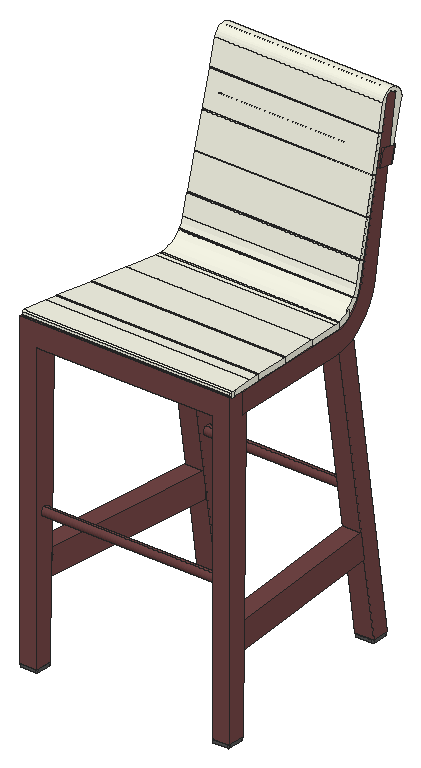
Revit family "Haworth_Janus_Quinta_Stools", category Furniture, Revit 2018
Family settings
  OmniClass Number = 23.40.70.14.64.21
  OmniClass Title = Systems Furniture
  Work Plane-Based = No
  Always vertical = Yes
  Cut with Voids When Loaded = No
  Shared = No
  Room Calculation Point = No
Parameters (values of type "HCJC-QN-S3N-J - High - Fiber Frame - With Cushion")
  Warranty = "https://www.haworth.com/resources/product-info/warranties"
  URL - Product = "https://www.haworth.com/products/seating/outdoor/quinta"
  Type Comments = ""
  Support Finish [instance] = Haworth _ Fabric _ JANUSfiber _ Bronze JJF-40
  Low = no
  High = not(Low)  # yes
  Cushion Offset = if(High, 2 121/128", -3/8")  # 2 121/128"
  Cushion Finish [instance] = Haworth _ Fabric _ JANUS _ Limestone JQ1-98
  Model = "HCJC-QN-S3N-J"
  URL = "http://www.haworth.com/our-brands/haworth-collection"
  Size = "Verify Final Dim. w/ Haworth"  # constant formula
  Revision Number = "2"  # constant formula
  Manufacturer = "Haworth"  # constant formula
  Seat Height = if(Low, 26", 29 1/2")  # 29 1/2"
  Glide Finish = Haworth _ Polymer _ Black
  Description = "Haworth Janus Quinta - Barstool"
  Cushion = yes
  Author = "Haworth (Abd Rahman)"  # constant formula
  Assembly Code = "E2020200"
  Actual Width = 19 3/4"  # constant formula
  Actual Height = if(Low, 42", 45 1/2")  # 45 1/2"
  Actual Depth = 22"  # constant formula
Types (9): name | Support Finish | Low | High | Cushion Offset | Model | Seat Height | Description | Cushion | Actual Height
  (no name) | Haworth _ Fabric _ JANUSfiber _ Bronze JJF-40 | no | yes | 2 121/128" | "HCJC-QN-S3N-J" | 29 1/2" | "Haworth Janus Quinta - Barstool" | yes | 45 1/2"
  HCJC-QN-S3N-J - High - Fiber Frame - With Cushion | Haworth _ Fabric _ JANUSfiber _ Bronze JJF-40 | no | yes | 2 121/128" | "HCJC-QN-S3N-J" | 29 1/2" | "Haworth Janus Quinta - Barstool" | yes | 45 1/2"
  HCJC-QN-S2N-J - Low - Fiber Frame - With Cushion | Haworth _ Fabric _ JANUSfiber _ Bronze JJF-40 | yes | no | -3/8" | "HCJC-QN-S2N-J" | 26" | "Haworth Janus Quinta - Counter Stool" | yes | 42"
  HCJC-QN-S3N-J - High - Fiber Frame - No Cushion | Haworth _ Fabric _ JANUSfiber _ Bronze JJF-40 | no | yes | 2 121/128" | "HCJC-QN-S3N-J" | 29 1/2" | "Haworth Janus Quinta - Barstool" | no | 45 1/2"
  HCJC-QN-S2N-J - Low - Fiber Frame - No Cushion | Haworth _ Fabric _ JANUSfiber _ Bronze JJF-40 | yes | no | -3/8" | "HCJC-QN-S2N-J" | 26" | "Haworth Janus Quinta - Counter Stool" | no | 42"
  HCJC-QN-S2N-W - Low - Wood Frame - No Cushion | Haworth _ Wood _ JanusQuinta _ Natural Teak JW1-97 | yes | no | -3/8" | "HCJC-QN-S2N-W" | 26" | "Haworth Janus Quinta - Counter Stool" | no | 42"
  HCJC-QN-S2N-W - Low - Wood Frame - With Cushion | Haworth _ Wood _ JanusQuinta _ Natural Teak JW1-97 | yes | no | -3/8" | "HCJC-QN-S2N-W" | 26" | "Haworth Janus Quinta - Counter Stool" | yes | 42"
  HCJC-QN-S3N-W - High - Wood Frame - No Cushion | Haworth _ Wood _ JanusQuinta _ Natural Teak JW1-97 | no | yes | 2 121/128" | "HCJC-QN-S3N-W" | 29 1/2" | "Haworth Janus Quinta - Barstool" | no | 45 1/2"
  HCJC-QN-S3N-W - High - Wood Frame - With Cushion | Haworth _ Wood _ JanusQuinta _ Natural Teak JW1-97 | no | yes | 2 121/128" | "HCJC-QN-S3N-W" | 29 1/2" | "Haworth Janus Quinta - Barstool" | yes | 45 1/2"
Reference planes (in)
  plane 1 "Center F/B": y = -0.15866
  plane 2 "Floor": z = 0
  plane 3 "Center L/R": x = -0.125
  plane 4: z = 0
  plane 5: x = -10
  plane 6: y = 10.84134
  plane 7: y = -11.15866
  plane 8: x = 9.75
  plane 9: z = 0.25
  plane 10 "Leg Height": z = 29.5
  plane 11: z = 45.5
  plane 12: x = 8.15299
  plane 13: x = -8.40299
  plane 14: x = 6.41372
  plane 15: x = -6.66372
  plane 16 "Back Leg 1": through (480, 3.77041, 26.64231) normal (0, 0.9883, 0.1528)
  plane 17 "Back Leg 2": through (480, 5.44861, 27.11514) normal (0, 0.9891, 0.1474)
  plane 18 "Leg rest 1": z = 7.57037
  plane 19 "Leg rest 2": z = 10.01799
  plane 20: z = 27.56107
Forms (in)
  Extrusion 1, solid, material "Haworth _ Fabric _ JANUSfiber _ Bronze JJF-40" <- "Support Finish"
    sketch origin (-0.125, 0, 0.17962) x (0, 1, 0) y (0, 0, 1)
      loop
        line (9.76655, 44.87542) -> (6.25369, 30.63189)
        arc (6.25369, 30.63189) -> (5.09774, 28.91843) -> (3.10788, 28.35932) r 3
        line (3.10788, 28.35932) -> (-11.15866, 29.47114) -> (-11.15866, 27.38145) -> (-9.43283, 27.38145) -> (2.89161, 26.43604)
        arc (2.89161, 26.43604) -> (6.3137, 27.45145) -> (8.18656, 30.49022) r 5
        line (8.18656, 30.49022) -> (10.86781, 44.63544)
        arc (10.86781, 44.63544) -> (10.43395, 45.29126) -> (9.76655, 44.87542) r 0.56376
    from -9.875 to 9.875
  Extrusion 2, void
    sketch origin (0, 0, 0) x (1, 0, 0) y (0, 1, 0)
      loop
        line (-9.97457, -9.33217) -> (-7.93689, 11.74055) -> (-11.00316, 11.74055) -> (-11.00316, -9.33217) -> (-9.97457, -9.33217)
    from 13.03853 to 47.08503
  Extrusion 3, void
    sketch origin (-0.25, 0, 0) x (-1, 0, 0) y (0, -1, 0)
      loop
        line (-11.00316, 9.56749) -> (-11.00316, -11.74055) -> (-7.93689, -11.74055) -> (-10.15861, 11.23543) -> (-11.00316, 9.56749)
    from 13.03853 to 46.57479
  Extrusion 4, solid, material "Haworth _ Fabric _ JANUSfiber _ Bronze JJF-40" <- "Support Finish"
    sketch origin (-0.125, 0, 0) x (0, 1, 0) y (0, 0, -1)
      loop
        line (-11.15866, -0.25) -> (-11.15866, -27.56107) -> (-9.22664, -27.56107) -> (-9.61411, -0.25) -> (-11.15866, -0.25)
    from -9.875 to -8.27799
  Extrusion 5, solid, material "Haworth _ Polymer _ Black" <- "Glide Finish"
    sketch origin (0, 0.21875, 0) x (1, 0, 0) y (0, 1, 0)
      loop
        arc (8.26313, -9.76496) -> (8.17444, -9.8017) -> (8.1377, -9.8904) r 0.12543
        line (8.1377, -9.8904) -> (8.1377, -11.29903)
        arc (8.1377, -11.29903) -> (8.17464, -11.38822) -> (8.26383, -11.42516) r 0.12613
        line (8.26383, -11.42516) -> (9.625, -11.42516)
        arc (9.625, -11.42516) -> (9.71339, -11.38855) -> (9.75, -11.30016) r 0.125
        line (9.75, -11.30016) -> (9.75, -9.88996)
        arc (9.75, -9.88996) -> (9.71339, -9.80158) -> (9.625, -9.76496) r 0.125
        line (9.625, -9.76496) -> (8.26313, -9.76496)
    from 0 to 0.25
  Extrusion 6, solid, material "Haworth _ Polymer _ Black" <- "Glide Finish"
    sketch origin (-0.25, 0.21875, 0) x (-1, 0, 0) y (0, -1, 0)
      loop
        line (8.26313, 9.76496) -> (9.625, 9.76496)
        arc (9.625, 9.76496) -> (9.71339, 9.80158) -> (9.75, 9.88996) r 0.125
        line (9.75, 9.88996) -> (9.75, 11.30016)
        arc (9.75, 11.30016) -> (9.71339, 11.38855) -> (9.625, 11.42516) r 0.125
        line (9.625, 11.42516) -> (8.26383, 11.42516)
        arc (8.26383, 11.42516) -> (8.17464, 11.38822) -> (8.1377, 11.29903) r 0.12613
        line (8.1377, 11.29903) -> (8.1377, 9.8904)
        arc (8.1377, 9.8904) -> (8.17444, 9.8017) -> (8.26313, 9.76496) r 0.12543
    from 0 to 0.25
  Extrusion 7, solid, material "Haworth _ Polymer _ Black" <- "Glide Finish"
    sketch origin (-1.66895, -1.94706, 0) x (1, 0, 0) y (0, 1, 0)
      loop
        line (8.2081, 9.79758) -> (9.69694, 9.79758)
        arc (9.69694, 9.79758) -> (9.78533, 9.83419) -> (9.82194, 9.92258) r 0.125
        line (9.82194, 9.92258) -> (9.82194, 11.27514)
        arc (9.82194, 11.27514) -> (9.78533, 11.36352) -> (9.69694, 11.40014) r 0.125
        line (9.69694, 11.40014) -> (8.2088, 11.40014)
        arc (8.2088, 11.40014) -> (8.11961, 11.36319) -> (8.08267, 11.274) r 0.12613
        line (8.08267, 11.274) -> (8.08267, 9.92301)
        arc (8.08267, 9.92301) -> (8.1194, 9.83431) -> (8.2081, 9.79758) r 0.12543
    from 0 to 0.25
  Extrusion 8, solid, material "Haworth _ Fabric _ JANUSfiber _ Bronze JJF-40" <- "Support Finish"
    sketch origin (-0.125, 0, 0) x (0, 1, 0) y (0, 0, 1)
      loop
        line (-11.15866, 0.25) -> (-9.61411, 0.25) -> (-9.22664, 27.56107) -> (-11.15866, 27.56107) -> (-11.15866, 0.25)
    from -9.875 to -8.27799
  Extrusion 9, solid, material "Haworth _ Fabric _ JANUSfiber _ Bronze JJF-40" <- "Support Finish"
    sketch origin (-0.125, 0, 0) x (0, 1, 0) y (0, 0, 1)
      loop
        line (3.72563, 26.93194) -> (7.85051, 0.25) -> (9.45307, 0.25) -> (5.40515, 27.4067)
        arc (5.40515, 27.4067) -> (4.58627, 27.09547) -> (3.72563, 26.93194) r 5
    from 6.53872 to 8.27799
  Extrusion 10, solid, material "Haworth _ Fabric _ JANUSfiber _ Bronze JJF-40" <- "Support Finish"
    sketch origin (-0.125, 0, 0) x (0, 1, 0) y (0, 0, -1)
      loop
        arc (3.72679, -26.92446) -> (4.58719, -27.09163) -> (5.40518, -27.40648) r 4.99987
        line (5.40518, -27.40648) -> (9.45307, -0.25) -> (7.85051, -0.25) -> (3.72679, -26.92446)
    from 6.53872 to 8.27799
  Blend 11, solid, material "Haworth _ Fabric _ JANUSfiber _ Bronze JJF-40" <- "Support Finish"
    base sketch origin (-0.125, 0, 0) x (0, 1, 0) y (0, 0, 1)
      loop
        line (-9.51026, 7.57037) -> (6.71882, 7.57037) -> (6.34044, 10.01799) -> (-9.47553, 10.01799) -> (-9.51026, 7.57037)
    top sketch origin (-0.125, 0, 0) x (0, 1, 0) y (0, 0, 1)
      loop
        line (6.34044, 10.01799) -> (-9.48908, 10.01799) -> (-9.5238, 7.57037) -> (6.71882, 7.57037) -> (6.34044, 10.01799)
    from 6.53872 to 9.875
  Extrusion 12, void
    sketch origin (0, 0, 0) x (1, 0, 0) y (0, 1, 0)
      loop
        line (9.85295, -10.73407) -> (10.76614, -10.73407) -> (10.76614, 7.43509) -> (8.10722, 7.43509) -> (9.85295, -10.73407)
    from 0 to 12
  Extrusion 13, void
    sketch origin (0, 0, 0) x (1, 0, 0) y (0, 1, 0)
      loop
        line (6.31247, 6.61323) -> (6.31247, -9.61411) -> (8.06969, -9.61411) -> (6.46875, 6.61323) -> (6.31247, 6.61323)
    from 0 to 12
  Blend 14, solid, material "Haworth _ Fabric _ JANUSfiber _ Bronze JJF-40" <- "Support Finish"
    base sketch origin (-0.125, 0, 0) x (0, 1, 0) y (0, 0, -1)
      loop
        line (-9.51026, -7.57037) -> (-9.47553, -10.01799) -> (6.34044, -10.01799) -> (6.71882, -7.57037) -> (-9.51026, -7.57037)
    top sketch origin (-0.125, 0, 0) x (0, 1, 0) y (0, 0, -1)
      loop
        line (6.34044, -10.01799) -> (6.71882, -7.57037) -> (-9.5238, -7.57037) -> (-9.48908, -10.01799) -> (6.34044, -10.01799)
    from 6.59375 to 9.875
  Extrusion 15, void
    sketch origin (-0.25, 0, 0) x (-1, 0, 0) y (0, -1, 0)
      loop
        line (9.85295, 10.73407) -> (8.10722, -7.43509) -> (10.76614, -7.43509) -> (10.76614, 10.73407) -> (9.85295, 10.73407)
    from 0 to 12
  Extrusion 16, void
    sketch origin (-0.25, 0, 0) x (-1, 0, 0) y (0, -1, 0)
      loop
        line (6.31247, -6.61323) -> (6.46875, -6.61323) -> (8.06969, 9.61411) -> (6.31247, 9.61411) -> (6.31247, -6.61323)
    from 0 to 12
  Sweep 17, solid, material "Haworth _ Fabric _ JANUSfiber _ Bronze JJF-40" <- "Support Finish"
    path origin (0, 10.80156, -1.7877) x (0, -0.264329, 0.964433) y (1, 0, 0)
      loop
        line (15.77179, 8.06234) -> (15.77179, -8.31227)
    profile origin (-0.12497, 6.63263, 13.42313) x (0, -0.264329, 0.964433) y (0, 0.964433, 0.264329)
      loop
        circle (-0.01166, 0.013) r 0.39922
  Sweep 18, solid, material "Haworth _ Fabric _ JANUSfiber _ Bronze JJF-40" <- "Support Finish"
    path origin (0, -6.16328, -1.7877) x (0, -0.264329, 0.964433) y (1, 0, 0)
      loop
        line (15.77179, 8.06234) -> (15.77179, -8.31227)
    profile origin (-0.12497, -10.33222, 13.42313) x (0, -0.264329, 0.964433) y (0, 0.964433, 0.264329)
      loop
        circle (-0.01166, 0.013) r 0.39922
  Extrusion 19, solid, material "Haworth _ Polymer _ Black" <- "Glide Finish"
    sketch origin (0, 0, 0) x (1, 0, 0) y (0, 1, 0)
      loop
        line (-6.78872, 9.45307) -> (-8.27686, 9.45307)
        arc (-8.27686, 9.45307) -> (-8.36605, 9.41613) -> (-8.40299, 9.32694) r 0.12613
        line (-8.40299, 9.32694) -> (-8.40299, 7.97595)
        arc (-8.40299, 7.97595) -> (-8.36625, 7.88725) -> (-8.27756, 7.85051) r 0.12543
        line (-8.27756, 7.85051) -> (-6.78872, 7.85051)
        arc (-6.78872, 7.85051) -> (-6.70033, 7.88713) -> (-6.66372, 7.97551) r 0.125
        line (-6.66372, 7.97551) -> (-6.66372, 9.32807)
        arc (-6.66372, 9.32807) -> (-6.70033, 9.41646) -> (-6.78872, 9.45307) r 0.125
    from 0 to 0.25
Cuts and joins
  Extrusion 2, Extrusion 3 cuts Extrusion 1
  Extrusion 13, Extrusion 16 cuts Extrusion 4
  Extrusion 13, Extrusion 16 cuts Extrusion 8
  Extrusion 16 cuts Extrusion 9
  Extrusion 13 cuts Extrusion 10
  Extrusion 12, Extrusion 13, Extrusion 16 cuts Blend 11
  Extrusion 15, Extrusion 16 cuts Blend 14
  joined: Extrusion 1, Extrusion 4, Extrusion 8, Extrusion 9, Extrusion 10, Blend 11, Blend 14, Sweep 17, Sweep 18
Lines and regions (in)
  Masking region 1
    outline origin (0, 0, 0) x (1, 0, 0) y (0, 1, 0)
      loop
        line (-8.08357, 10.84134) -> (-10.19749, -11.15866) -> (9.94749, -11.15866) -> (7.83368, 10.84134) -> (-8.08357, 10.84134)
  symbolic lines, style "Haworth"
    curve 1: line (-8.60152, 5.4509, 0) -> (8.35161, 5.4509, 0)
Dimensions and locks (in)
  "Actual Width": plane 5 to plane 8
  equal spacing: plane 5, plane 3 "Center L/R", plane 8
  "Actual Depth": plane 6 to plane 7
  equal spacing: plane 6, plane 1 "Center F/B", plane 7
  "Seat Height": plane 10 "Leg Height" to plane 4
  plane 4 to plane 10 "Leg Height" = 29 1/2"
  "Actual Height": plane 11 to plane 4
  plane 15 to plane 13 to plane 5 = 1.73927" locked, 1.59701" locked
  plane 14 to plane 12 to plane 8 = 1.73927" locked, 1.59701" locked
  aligned and locked: Extrusion 1 to plane 5
  aligned and locked: Extrusion 1 to plane 8
  aligned and locked: plane 8 to Extrusion 5 sketch curve
  aligned and locked: Extrusion 5 to plane 4
  aligned and locked: plane 9 to Extrusion 5
  aligned and locked: plane 6 to Masking region 1 sketch curve
  aligned and locked: plane 7 to Masking region 1 sketch curve
  aligned and locked: plane 7 to Extrusion 4 sketch curve
  aligned and locked: plane 14 to Extrusion 9
  aligned and locked: Extrusion 9 to plane 12
  aligned and locked: plane 15 to Extrusion 10
  aligned and locked: plane 13 to Extrusion 10
  aligned and locked: Blend 11 to Extrusion 5
  aligned and locked: cut or joined group 1 (Extrusion 1, Extrusion 2, Extrusion 3, Extrusion 4, Extrusion 8, Extrusion 9, Extrusion 10, Blend 11, Extrusion 12, Extrusion 13, Blend 14, Extrusion 15, Extrusion 16, Sweep 17, Sweep 18) to Extrusion 7 sketch curve
  aligned and locked: Extrusion 7 sketch curve to cut or joined group 1  (x2)
  aligned and locked: Extrusion 19 to plane 4
  aligned and locked: plane 9 to Extrusion 19
Automatic sketch dimensions
  plane 7 to Extrusion 1 sketch curve = 1.72583"
  Extrusion 1 sketch curve to plane 1 "Center F/B" = 3.05027"
  Extrusion 1 sketch curve to plane 10 "Leg Height" = 0.96106"
  Extrusion 1 sketch curve to Extrusion 1 sketch curve = 0.21627"
  Extrusion 1 sketch curve to Extrusion 1 sketch curve = 0.16616"
  Extrusion 1 sketch curve to Extrusion 1 sketch curve = 0.06693"
  plane 10 "Leg Height" to Extrusion 1 sketch curve = 1.31151"
  Extrusion 1 sketch curve to Extrusion 1 sketch curve = 2.91272"
  plane 10 "Leg Height" to Extrusion 1 sketch curve = 1.16984"
  Extrusion 1 sketch curve to Extrusion 1 sketch curve = 1.93287"
  Extrusion 1 sketch curve to plane 11 = 0.44496"
  plane 6 to Extrusion 1 sketch curve = 1.07479"
  plane 6 to Extrusion 1 sketch curve = 0.52743"
  Extrusion 1 sketch curve to plane 6 = 0.02647"
  Extrusion 1 sketch curve to Extrusion 1 sketch curve = 2.08968"
  Extrusion 1 sketch curve to Extrusion 1 sketch curve = 1.92328"
  Extrusion 1 sketch curve to plane 11 = 0.68495"
  Blend 11 sketch curve to plane 18 "Leg rest 1" = 0"  (x2)
  Blend 11 sketch curve to plane 19 "Leg rest 2" = 0"  (x2)
  Blend 11 sketch curve to plane 16 "Back Leg 1" = 0"  (x4)
  plane 7 to Blend 11 sketch curve = 1.68313"
  plane 7 to Blend 11 sketch curve = 1.6484"
  plane 7 to Blend 11 sketch curve = 1.66958"
  plane 7 to Blend 11 sketch curve = 1.63486"
  Blend 14 sketch curve to plane 18 "Leg rest 1" = 0"  (x2)
  Blend 14 sketch curve to plane 19 "Leg rest 2" = 0"  (x2)
  Blend 14 sketch curve to plane 16 "Back Leg 1" = 0"  (x4)
  plane 7 to Blend 14 sketch curve = 1.68313"
  plane 7 to Blend 14 sketch curve = 1.6484"
  plane 7 to Blend 14 sketch curve = 1.66958"
  plane 7 to Blend 14 sketch curve = 1.63486"
  profile plane to Sweep 17 sketch curve = 0.01166"
  profile plane to Sweep 17 sketch curve = 0.013"
  Extrusion 2 sketch curve to plane 5 = 1.00316"
  plane 5 to Extrusion 2 sketch curve = 0.02543"
  Extrusion 2 sketch curve to plane 13 = 0.4661"
  plane 7 to Extrusion 2 sketch curve = 1.82649"
  Extrusion 2 sketch curve to plane 6 = 0.89921"
  plane 8 to Extrusion 3 sketch curve = 1.00316"
  plane 8 to Extrusion 3 sketch curve = 0.15861"
  Extrusion 3 sketch curve to plane 12 = 0.4661"
  plane 6 to Extrusion 3 sketch curve = 0.89921"
  Extrusion 4 sketch curve to plane 9 = 0"
  Extrusion 4 sketch curve to plane 10 "Leg Height" = 1.93893"
  Extrusion 4 sketch curve to Extrusion 4 sketch curve = 1.54455"
  Extrusion 4 sketch curve to Extrusion 4 sketch curve = 1.93201"
  plane 7 to Extrusion 5 sketch curve = 0.07725"
  Extrusion 5 sketch curve to Extrusion 5 sketch curve = 1/8"  (x2)
  Extrusion 5 sketch curve to plane 12 = 0.11084"
  Extrusion 5 sketch curve to plane 12 = 0.11014"
  plane 12 to Extrusion 5 sketch curve = 0.01529"
  Extrusion 5 sketch curve to Extrusion 5 sketch curve = 1.40863"
  Extrusion 6 sketch curve to plane 5 = 0"
  Extrusion 6 sketch curve to plane 7 = 0.07725"
  Extrusion 6 sketch curve to Extrusion 6 sketch curve = 1/8"  (x2)
  Extrusion 6 sketch curve to plane 13 = 0.11084"
  Extrusion 6 sketch curve to plane 13 = 0.11014"
  plane 13 to Extrusion 6 sketch curve = 0.01529"
  Extrusion 6 sketch curve to Extrusion 6 sketch curve = 1.40863"
  Masking region 1 sketch curve to plane 5 = 0.19749"
  Masking region 1 sketch curve to plane 13 = 0.31942"
  plane 12 to Masking region 1 sketch curve = 0.31931"
  Masking region 1 sketch curve to plane 8 = 0.19749"
  Extrusion 8 sketch curve to plane 7 = 0"
  Extrusion 8 sketch curve to plane 9 = 0"
  Extrusion 8 sketch curve to plane 10 "Leg Height" = 1.93893"
  Extrusion 8 sketch curve to Extrusion 8 sketch curve = 1.54455"
  Extrusion 8 sketch curve to Extrusion 8 sketch curve = 1.93201"
  Extrusion 9 sketch curve to plane 16 "Back Leg 1" = 0"  (x2)
  Extrusion 9 sketch curve to plane 17 "Back Leg 2" = 0"  (x2)
  Extrusion 9 sketch curve to plane 9 = 0"
  Extrusion 9 sketch curve to plane 10 "Leg Height" = 2.0933"
  Extrusion 9 sketch curve to plane 10 "Leg Height" = 2.56806"
  plane 10 "Leg Height" to Extrusion 9 sketch curve = 2.40693"
  Extrusion 10 sketch curve to plane 16 "Back Leg 1" = 0"  (x2)
  Extrusion 10 sketch curve to plane 17 "Back Leg 2" = 0"  (x2)
  Extrusion 10 sketch curve to plane 9 = 0"
  Extrusion 10 sketch curve to plane 10 "Leg Height" = 2.09352"
  Extrusion 10 sketch curve to plane 10 "Leg Height" = 2.57554"
  plane 10 "Leg Height" to Extrusion 10 sketch curve = 2.39724"
  plane 12 to Extrusion 12 sketch curve = 0.04576"
  Extrusion 12 sketch curve to plane 8 = 0.10295"
  plane 7 to Extrusion 12 sketch curve = 0.42459"
  Extrusion 12 sketch curve to Extrusion 12 sketch curve = 0.91318"
  plane 6 to Extrusion 12 sketch curve = 3 13/32"
  plane 14 to Extrusion 13 sketch curve = 0.10125"
  Extrusion 13 sketch curve to plane 14 = 0.05503"
  plane 12 to Extrusion 13 sketch curve = 0.08329"
  plane 7 to Extrusion 13 sketch curve = 1.54455"
  plane 6 to Extrusion 13 sketch curve = 4.22811"
  plane 13 to Extrusion 15 sketch curve = 0.04576"
  plane 5 to Extrusion 15 sketch curve = 0.10295"
  Extrusion 15 sketch curve to plane 7 = 0.42459"
  Extrusion 15 sketch curve to Extrusion 15 sketch curve = 0.91318"
  Extrusion 15 sketch curve to plane 6 = 3 13/32"
  Extrusion 16 sketch curve to plane 15 = 0.10125"
  plane 15 to Extrusion 16 sketch curve = 0.05503"
  plane 13 to Extrusion 16 sketch curve = 0.08329"
  Extrusion 16 sketch curve to plane 7 = 1.54455"
  Extrusion 16 sketch curve to plane 6 = 4.22811"
  Sweep 18 sketch curve to plane 13 = 0.09072"
  plane 12 to Sweep 18 sketch curve = 0.09065"
  profile plane to Sweep 18 sketch curve = 0.01166"
  profile plane to Sweep 18 sketch curve = 0.013"
  Extrusion 7 sketch curve to plane 14 = 0"
  plane 14 to Extrusion 7 sketch curve = 0.12543"
  plane 14 to Extrusion 7 sketch curve = 0.12613"
  Extrusion 7 sketch curve to plane 12 = 1/8"  (x2)
  Extrusion 19 sketch curve to plane 13 = 0"
  Extrusion 19 sketch curve to plane 15 = 0"
  Extrusion 19 sketch curve to plane 13 = 0.12543"
  Extrusion 19 sketch curve to Extrusion 19 sketch curve = 0.12613"
  Extrusion 19 sketch curve to plane 15 = 1/8"  (x2)
  plane 6 to Extrusion 19 sketch curve = 2.99083"
  Extrusion 19 sketch curve to Extrusion 19 sketch curve = 1.351"
  Extrusion 3 sketch curve to plane 7 = 1.59117"
  plane 7 to Extrusion 3 sketch curve = 0.07677"
  Extrusion 1 sketch curve to plane 7 = 0"
  plane 10 "Leg Height" to Extrusion 1 sketch curve = 0.15075"
  plane 13 to curve 1 = 0.19853"
  curve 1 to plane 12 = 0.19862"
  plane 6 to curve 1 = 5.39044"
  radius of Sweep 17 sketch curve = 0.39922"
  radius of Sweep 18 sketch curve = 0.39922"
Nested families (in)
  nested 1: "Haworth_JanusQuinta_Cafe_Side_Chair_Cushion_Part" at (1.5, 0.375, 2.94531), Cushion Finish <- "Cushion Finish", visible <- "High", built-in parameter 1001364 <- "Cushion Offset", type "HCJC-QN-CPS3N-JS"
    with Cushion Finish Haworth _ Fabric _ JANUS _ Limestone JQ1-98
Definition of nested family "Haworth_JanusQuinta_Cafe_Side_Chair_Cushion_Part"
  Parameters (values of type "HCJC-QN-CPS3N-JS")
    Warranty = "https://www.haworth.com/resources/product-info/warranties"
    URL - Product = "https://www.haworth.com/products/seating/outdoor/quinta"
    Type Comments = ""
    Model = "HCJC-QN-CPS3N-JS"
    URL = "http://www.haworth.com/our-brands/haworth-collection"
    Size = "Verify Final Dim. w/ Haworth"  # constant formula
    Revision Number = "2"  # constant formula
    Manufacturer = "Haworth"  # constant formula
    Description = "Haworth Janus Quinta - Seat and Back Cushions - PART"
    Cushion Finish [instance] = none
    Connector Finish = none
    Author = "Haworth (Abd Rahman)"  # constant formula
    Assembly Code = "E2020200"
    Actual Width = 19 3/4"  # constant formula
    Actual Height = 42"
    Actual Depth = 22"  # constant formula
  Reference planes (in)
    plane 1 "Center F/B": y = -0.15866
    plane 2 "Floor": z = 0
    plane 3 "Center L/R": x = -0.125
    plane 4: y = 10.46634
    plane 5: y = -11.53366
    plane 6 "Leg Height": z = 18.25
    plane 7: z = 42
    plane 8 "Back leg 1": through (480, 5.25508, 15.13674) normal (0, 0.9644, 0.2643)
    plane 9 "Back leg 2": through (480, 6.93092, 15.6137) normal (0, 0.9677, 0.2521)
    plane 10: x = 8.25
    plane 11: x = -11.5
    plane 12: z = 26.52889
    plane 13: x = -1.625
  Forms (in)
    Extrusion 1, solid, material <- "Cushion Finish"
      sketch origin (-0.125, 0, 0.53608) x (0, 1, 0) y (0, 0, 1)
        loop
          arc (-11.12636, 26.49611) -> (-11.2153, 26.45674) -> (-11.2517, 26.36654) r 0.12942
          arc (-11.2517, 26.36654) -> (-11.2516, 26.24547) -> (-11.2517, 26.12439) r 72.79161
          arc (-11.2517, 26.12439) -> (-11.21318, 26.03256) -> (-11.12055, 25.99602) r 0.12819
          arc (-11.12055, 25.99602) -> (-9.74315, 25.99051) -> (-8.36808, 25.91042) r 25.42433
          line (-8.36808, 25.91042) -> (3.00933, 25.05428)
          arc (3.00933, 25.05428) -> (4.93897, 25.60108) -> (6.05847, 27.26517) r 2.91463
          line (6.05847, 27.26517) -> (9.58075, 41.59921)
          arc (9.58075, 41.59921) -> (10.14332, 41.98237) -> (10.58434, 41.46392) r 0.50925
          line (10.58434, 41.46392) -> (9.64241, 36.44862)
          arc (9.64241, 36.44862) -> (9.71235, 36.34073) -> (9.82355, 36.40527) r 0.09324
          line (9.82355, 36.40527) -> (11.13665, 40.90077)
          arc (11.13665, 40.90077) -> (10.37676, 42.25285) -> (9.04142, 41.46392) r 1.08505
          line (9.04142, 41.46392) -> (5.65099, 27.66644)
          arc (5.65099, 27.66644) -> (4.59522, 26.0967) -> (2.7753, 25.58033) r 2.75
          line (2.7753, 25.58033) -> (-8.79353, 26.4457)
          arc (-8.79353, 26.4457) -> (-9.95928, 26.50186) -> (-11.12636, 26.49611) r 22
      from -11.375 to 8.375
    Extrusion 2, void
      sketch origin (3, -0.15866, 0.53608) x (1, 0, 0) y (0, 0, 1)
        loop
          line (3.72993, 15.77168) -> (8.76577, 15.77168) -> (8.76577, 43.3904) -> (3.29762, 43.3904) -> (3.72993, 15.77168)
      from -16.01974 to -4.65493
    Extrusion 3, void
      sketch origin (-3.25, -0.15866, 0.53608) x (-1, 0, 0) y (0, 0, -1)
        loop
          line (6.28162, -43.3904) -> (11.76577, -43.3904) -> (11.76577, -15.77168) -> (6.88621, -15.77168) -> (6.28162, -43.3904)
      from -16.01974 to -4.65493
    Extrusion 4, void
      sketch origin (-3.30371, 0, 0) x (-1, 0, 0) y (0, -1, 0)
        loop
          line (6.62346, -4.49627) -> (12, -4.49627) -> (12, 11.39385) -> (8.24097, 11.39385) -> (6.62346, -4.49627)
      from 23.18196 to 30.58811
    Extrusion 5, void
      sketch origin (0, 0.78432, 0) x (1, 0, 0) y (0, 1, 0)
        loop
          line (-11.22058, -8.38978) -> (-11.22058, -8.54584) -> (7.9851, -8.54584) -> (7.9851, -8.38978) -> (-11.22058, -8.38978)
      from 25.1784 to 28.01225
    Extrusion 6, void
      sketch origin (0, 4.42478, 0) x (1, 0, 0) y (0, 1, 0)
        loop
          line (-10.96744, -8.38978) -> (-10.96744, -8.54584) -> (7.72955, -8.54584) -> (7.72955, -8.38978) -> (-10.96744, -8.38978)
      from 25.1784 to 27.36715
    Extrusion 7, void
      sketch origin (0, 9.61176, 0) x (1, 0, 0) y (0, 1, 0)
        loop
          line (-10.46406, -9.88978) -> (-10.46406, -10.04584) -> (7.20434, -10.04584) -> (7.20434, -9.88978) -> (-10.46406, -9.88978)
      from 24.93485 to 27.36715
    Extrusion 8, void
      sketch origin (0, 13.24594, 0) x (1, 0, 0) y (0, 1, 0)
        loop
          line (-10.20826, -9.88978) -> (-10.20826, -10.04584) -> (6.94854, -10.04584) -> (6.94854, -9.88978) -> (-10.20826, -9.88978)
      from 24.73692 to 26.84611
    Extrusion 9, void
      sketch origin (0.11061, -6.46068, 5.85872) x (1, 0, 0) y (0, 0.241922, 0.970296)
        loop
          line (-9.73561, 33.19514) -> (-9.73561, 33.07497) -> (6.90184, 33.07497) -> (6.90184, 33.19514) -> (-9.73561, 33.19514)
      from -7.08272 to -6.08738
    Extrusion 10, void
      sketch origin (-0.13939, -8.54749, 3.25591) x (1, 0, 0) y (0, 0.281922, 0.959437)
        loop
          line (-9.73561, 33.20763) -> (-9.73561, 33.08906) -> (6.90184, 33.08906) -> (6.90184, 33.20763) -> (-9.73561, 33.20763)
      from -7.08272 to -6.08738
    Extrusion 11, solid, material <- "Connector Finish"
      sketch origin (-0.34624, -6.5371, 10.70732) x (0.999848, 0, 0.017452) y (0.003907, 0.974618, -0.223839)
        loop
          line (7.21502, 10.27326) -> (5.95638, 10.29793) -> (5.95638, 10.11545) -> (7.19595, 10.09347)
          arc (7.19595, 10.09347) -> (7.23579, 10.07651) -> (7.25262, 10.0366) r 0.0577
          line (7.25262, 10.0366) -> (7.26998, 8.82621)
          arc (7.26998, 8.82621) -> (7.2558, 8.78829) -> (7.21966, 8.77002) r 0.05564
          line (7.21966, 8.77002) -> (5.28237, 8.58416) -> (5.28237, 8.4612) -> (7.24553, 8.65271)
          arc (7.24553, 8.65271) -> (7.34768, 8.7045) -> (7.38777, 8.81178) r 0.15755
          line (7.38777, 8.81178) -> (7.36902, 10.11845)
          arc (7.36902, 10.11845) -> (7.32331, 10.22699) -> (7.21502, 10.27326) r 0.15709
      from 28.71783 to 30.23377
    Extrusion 12, solid, material <- "Connector Finish"
      sketch origin (-2.96626, -6.5371, 10.70732) x (-0.999848, 0, 0.017452) y (0.003907, -0.974618, 0.223839)
        loop
          arc (7.21502, -10.27326) -> (7.32331, -10.22699) -> (7.36902, -10.11845) r 0.15709
          line (7.36902, -10.11845) -> (7.38777, -8.81178)
          arc (7.38777, -8.81178) -> (7.34768, -8.7045) -> (7.24553, -8.65271) r 0.15755
          line (7.24553, -8.65271) -> (5.28237, -8.4612) -> (5.28237, -8.58416) -> (7.21966, -8.77002)
          arc (7.21966, -8.77002) -> (7.2558, -8.78829) -> (7.26998, -8.82621) r 0.05564
          line (7.26998, -8.82621) -> (7.25262, -10.0366)
          arc (7.25262, -10.0366) -> (7.23579, -10.07651) -> (7.19595, -10.09347) r 0.0577
          line (7.19595, -10.09347) -> (6.04516, -10.11388) -> (6.04516, -10.29619) -> (7.21502, -10.27326)
      from 28.71621 to 30.23379
    Extrusion 13, void
      sketch origin (0.05957, 0, 0) x (1, 0, 0) y (0, 1, 0)
        loop
          line (6.62346, 4.49627) -> (8.24097, -11.39385) -> (12, -11.39385) -> (12, 4.49627) -> (6.62346, 4.49627)
      from 23.18196 to 30.58811
    Extrusion 14, void
      sketch origin (-0.13939, -9.31946, 0.02691) x (1, 0, 0) y (0, 0.281922, 0.959437)
        loop
          line (-9.73561, 33.20763) -> (-9.73561, 33.08906) -> (6.90184, 33.08906) -> (6.90184, 33.20763) -> (-9.73561, 33.20763)
      from -7.08272 to -6.08738
    Extrusion 15, void
      sketch origin (-0.13939, -14.82649, 0.18606) x (1, 0, 0) y (0, 0.437674, 0.899134)
        loop
          line (-9.73561, 33.20763) -> (-9.73561, 33.08906) -> (6.90184, 33.08906) -> (6.90184, 33.20763) -> (-9.73561, 33.20763)
      from -7.08272 to -5.98397
    Extrusion 16, void
      sketch origin (-0.13939, -6.95122, 9.66456) x (1, 0, 0) y (0, 0.281922, 0.959437)
        loop
          line (-9.73561, 33.20763) -> (-9.73561, 33.08906) -> (6.90184, 33.08906) -> (6.90184, 33.20763) -> (-9.73561, 33.20763)
      from -7.08272 to -6.08738
  Cuts and joins
    Extrusion 2, Extrusion 3, Extrusion 4, Extrusion 5, Extrusion 6, Extrusion 7, Extrusion 8, Extrusion 9, Extrusion 10, Extrusion 13, Extrusion 14, Extrusion 15, Extrusion 16 cuts Extrusion 1
  Lines and regions (in)
    Masking region 1
      outline origin (0, 0, 0) x (1, 0, 0) y (0, 1, 0)
        loop
          line (3.69695, 4.49627) -> (3.69695, 10.46634) -> (-7.13043, 10.46634) -> (-7.13043, 4.79145) -> (-8.7884, -11.53366) -> (5.32746, -11.53366) -> (3.69695, 4.49627)
  Dimensions and locks (in)
    "Actual Depth": plane 4 to plane 5
    plane 4 to plane 1 "Center F/B" to plane 5 = 10 5/8", 11 3/8"
    "Actual Width": plane 11 to plane 10
    plane 7 to plane 12 to plane 6 "Leg Height" = 15.47111" locked, 8.27889" locked
    "Actual Height": plane 7 to plane 2 "Floor"
    equal spacing: plane 11, plane 13, plane 10
    aligned and locked: Extrusion 1 to plane 10
    aligned and locked: plane 11 to Extrusion 1
    aligned and locked: cut or joined group of Extrusion 1, Extrusion 2, Extrusion 3, Extrusion 4, Extrusion 5, Extrusion 6, Extrusion 7, Extrusion 8, Extrusion 9, Extrusion 10, Extrusion 13, Extrusion 14, Extrusion 15, Extrusion 16 to plane 7
    aligned and locked: plane 7 to Extrusion 1 sketch curve
  Automatic sketch dimensions
    plane 10 to Extrusion 2 sketch curve = 1.95238"
    plane 10 to Extrusion 2 sketch curve = 1.52007"
    Extrusion 2 sketch curve to plane 10 = 3.51577"
    Extrusion 2 sketch curve to plane 6 "Leg Height" = 1.94223"
    plane 7 to Extrusion 2 sketch curve = 1.92648"
    plane 11 to Extrusion 3 sketch curve = 1.96838"
    plane 11 to Extrusion 3 sketch curve = 1.36379"
    Extrusion 3 sketch curve to plane 11 = 3.51577"
    plane 6 "Leg Height" to Extrusion 3 sketch curve = 1.94223"
    Extrusion 3 sketch curve to plane 7 = 1.92648"
    plane 11 to Extrusion 4 sketch curve = 1.57283"
    Extrusion 4 sketch curve to plane 11 = 0.04468"
    Extrusion 4 sketch curve to plane 11 = 3.80371"
    Extrusion 4 sketch curve to plane 5 = 0.13981"
    plane 1 "Center F/B" to Extrusion 4 sketch curve = 4.65493"
    Extrusion 5 sketch curve to plane 11 = 0.27942"
    plane 10 to Extrusion 5 sketch curve = 0.2649"
    plane 5 to Extrusion 5 sketch curve = 3.77214"
    Extrusion 5 sketch curve to Extrusion 5 sketch curve = 0.15606"
    Extrusion 6 sketch curve to plane 11 = 0.53256"
    plane 10 to Extrusion 6 sketch curve = 0.52045"
    plane 1 "Center F/B" to Extrusion 6 sketch curve = 3.96241"
    Extrusion 6 sketch curve to Extrusion 6 sketch curve = 0.15606"
    plane 1 "Center F/B" to Extrusion 7 sketch curve = 0.27543"
    Extrusion 7 sketch curve to plane 11 = 1.03594"
    plane 10 to Extrusion 7 sketch curve = 1.04566"
    plane 1 "Center F/B" to Extrusion 7 sketch curve = 0.11937"
    Extrusion 8 sketch curve to plane 11 = 1.29174"
    plane 10 to Extrusion 8 sketch curve = 1.30146"
    Extrusion 8 sketch curve to plane 1 "Center F/B" = 3.35876"
    Extrusion 8 sketch curve to Extrusion 8 sketch curve = 0.15606"
    Extrusion 9 sketch curve to plane 11 = 1 7/8"
    plane 10 to Extrusion 9 sketch curve = 1.23754"
    Extrusion 9 sketch curve to Extrusion 9 sketch curve = 0.12016"
    Extrusion 10 sketch curve to plane 11 = 1 5/8"
    plane 10 to Extrusion 10 sketch curve = 1.48754"
    Extrusion 10 sketch curve to Extrusion 10 sketch curve = 0.11857"
    Extrusion 11 sketch curve to Extrusion 11 sketch curve = 0.67401"
    Extrusion 11 sketch curve to Extrusion 11 sketch curve = 1.23855"
    Extrusion 11 sketch curve to Extrusion 11 sketch curve = 0.00102"
    Extrusion 11 sketch curve to Extrusion 11 sketch curve = 0.01599"
    Extrusion 11 sketch curve to Extrusion 11 sketch curve = 0.01943"
    Extrusion 11 sketch curve to Extrusion 11 sketch curve = 0.00308"
    Extrusion 11 sketch curve to Extrusion 11 sketch curve = 0.00531"
    Extrusion 11 sketch curve to Extrusion 11 sketch curve = 0.01588"
    Extrusion 11 sketch curve to Extrusion 11 sketch curve = 0.02587"
    Extrusion 11 sketch curve to Extrusion 11 sketch curve = 0.05769"
    Extrusion 11 sketch curve to Extrusion 11 sketch curve = 0.03975"
    Extrusion 11 sketch curve to Extrusion 11 sketch curve = 0.1164"
    Extrusion 11 sketch curve to Extrusion 11 sketch curve = 0.11778"
    Extrusion 11 sketch curve to Extrusion 11 sketch curve = 0.12296"
    Extrusion 11 sketch curve to Extrusion 11 sketch curve = 0.06856"
    Extrusion 11 sketch curve to Extrusion 11 sketch curve = 0.11731"
    Extrusion 11 sketch curve to Extrusion 11 sketch curve = 0.03949"
    Extrusion 11 sketch curve to Extrusion 11 sketch curve = 0.01589"
    Extrusion 11 sketch curve to Extrusion 11 sketch curve = 1.21037"
    Extrusion 11 sketch curve to Extrusion 11 sketch curve = 0.00083"
    Extrusion 11 sketch curve to Extrusion 11 sketch curve = 0.02198"
    Extrusion 11 sketch curve to Extrusion 11 sketch curve = 0.02273"
    Extrusion 11 sketch curve to Extrusion 11 sketch curve = 0.08185"
    Extrusion 11 sketch curve to Extrusion 11 sketch curve = 0.18248"
    Masking region 1 sketch curve to plane 5 = 0"
    plane 4 to Masking region 1 sketch curve = 0"
    Masking region 1 sketch curve to plane 11 = 2.7116"
    Masking region 1 sketch curve to plane 11 = 4.36957"
    plane 3 "Center L/R" to Masking region 1 sketch curve = 3.82195"
    plane 10 to Masking region 1 sketch curve = 2.92254"
    Masking region 1 sketch curve to plane 1 "Center F/B" = 4.65493"
    Masking region 1 sketch curve to plane 1 "Center F/B" = 4.95011"
    Extrusion 12 sketch curve to Extrusion 12 sketch curve = 0.76279"
    Extrusion 12 sketch curve to Extrusion 12 sketch curve = 1.14976"
    Extrusion 12 sketch curve to Extrusion 12 sketch curve = 0.00102"
    Extrusion 12 sketch curve to Extrusion 12 sketch curve = 0.01599"
    Extrusion 12 sketch curve to Extrusion 12 sketch curve = 0.01943"
    Extrusion 12 sketch curve to Extrusion 12 sketch curve = 0.00308"
    Extrusion 12 sketch curve to Extrusion 12 sketch curve = 0.00531"
    Extrusion 12 sketch curve to Extrusion 12 sketch curve = 0.01588"
    Extrusion 12 sketch curve to Extrusion 12 sketch curve = 0.02587"
    Extrusion 12 sketch curve to Extrusion 12 sketch curve = 0.05769"
    Extrusion 12 sketch curve to Extrusion 12 sketch curve = 0.03975"
    Extrusion 12 sketch curve to Extrusion 12 sketch curve = 0.1164"
    Extrusion 12 sketch curve to Extrusion 12 sketch curve = 0.11778"
    Extrusion 12 sketch curve to Extrusion 12 sketch curve = 0.02293"
    Extrusion 12 sketch curve to Extrusion 12 sketch curve = 0.15481"
    Extrusion 12 sketch curve to Extrusion 12 sketch curve = 0.18232"
    Extrusion 12 sketch curve to Extrusion 12 sketch curve = 0.02273"
    Extrusion 12 sketch curve to Extrusion 12 sketch curve = 0.05686"
    Extrusion 12 sketch curve to Extrusion 12 sketch curve = 1.21039"
    Extrusion 12 sketch curve to Extrusion 12 sketch curve = 0.0008"
    Extrusion 12 sketch curve to Extrusion 12 sketch curve = 0.01443"
    Extrusion 12 sketch curve to Extrusion 12 sketch curve = 0.01589"
    Extrusion 12 sketch curve to Extrusion 12 sketch curve = 1.52972"
    Extrusion 12 sketch curve to Extrusion 12 sketch curve = 0.12296"
    plane 10 to Extrusion 13 sketch curve = 1.56697"
    Extrusion 13 sketch curve to plane 10 = 0.05054"
    Extrusion 13 sketch curve to plane 10 = 3.80957"
    plane 5 to Extrusion 13 sketch curve = 0.13981"
    Extrusion 13 sketch curve to plane 1 "Center F/B" = 4.65493"
    Extrusion 14 sketch curve to plane 11 = 1 5/8"
    plane 10 to Extrusion 14 sketch curve = 1.48754"
    Extrusion 14 sketch curve to Extrusion 14 sketch curve = 0.11857"
    Extrusion 15 sketch curve to plane 11 = 1 5/8"
    plane 10 to Extrusion 15 sketch curve = 1.48754"
    Extrusion 15 sketch curve to Extrusion 15 sketch curve = 0.11857"
    Extrusion 16 sketch curve to plane 11 = 1 5/8"
    plane 10 to Extrusion 16 sketch curve = 1.48754"
    Extrusion 16 sketch curve to Extrusion 16 sketch curve = 0.11857"
    Extrusion 1 sketch curve to plane 12 = 0.25272"
    Extrusion 1 sketch curve to plane 5 = 72.50955"
    plane 5 to Extrusion 1 sketch curve = 105/256"
    Extrusion 1 sketch curve to Extrusion 1 sketch curve = 0.00123"
    plane 5 to Extrusion 1 sketch curve = 1.00028"
    plane 5 to Extrusion 1 sketch curve = 1.09908"
    Extrusion 1 sketch curve to plane 12 = 0.45289"
    Extrusion 1 sketch curve to Extrusion 1 sketch curve = 2.32875"
    plane 12 to Extrusion 1 sketch curve = 0.08238"
    Extrusion 1 sketch curve to Extrusion 1 sketch curve = 0.42546"
    plane 12 to Extrusion 1 sketch curve = 0.41247"
    Extrusion 1 sketch curve to plane 1 "Center F/B" = 2.93396"
    Extrusion 1 sketch curve to Extrusion 1 sketch curve = 0.20513"
    plane 12 to Extrusion 1 sketch curve = 0.93853"
    Extrusion 1 sketch curve to Extrusion 1 sketch curve = 0.23403"
    Extrusion 1 sketch curve to Extrusion 1 sketch curve = 0.2476"
    Extrusion 1 sketch curve to plane 12 = 1.67363"
    Extrusion 1 sketch curve to Extrusion 1 sketch curve = 2.42295"
    Extrusion 1 sketch curve to plane 12 = 1.27236"
    Extrusion 1 sketch curve to Extrusion 1 sketch curve = 0.40748"
    plane 4 to Extrusion 1 sketch curve = 1.42492"
    plane 7 to Extrusion 1 sketch curve = 0.1353"
    Extrusion 1 sketch curve to Extrusion 1 sketch curve = 0.53933"
    plane 4 to Extrusion 1 sketch curve = 0.82393"
    Extrusion 1 sketch curve to Extrusion 1 sketch curve = 0.09164"
    Extrusion 1 sketch curve to Extrusion 1 sketch curve = 0.0895"
    plane 4 to Extrusion 1 sketch curve = 0.39106"
    Extrusion 1 sketch curve to Extrusion 1 sketch curve = 0.01984"
    Extrusion 1 sketch curve to plane 4 = 0.118"
    Extrusion 1 sketch curve to plane 4 = 0.67031"
    Extrusion 1 sketch curve to Extrusion 1 sketch curve = 3.92853"
    Extrusion 1 sketch curve to plane 12 = 0.13137"
    Extrusion 1 sketch curve to plane 12 = 0.37395"
    Extrusion 1 sketch curve to Extrusion 1 sketch curve = 5.05865"
    Extrusion 1 sketch curve to Extrusion 1 sketch curve = 0.02614"
    Extrusion 1 sketch curve to plane 7 = 0.56315"
    Extrusion 1 sketch curve to plane 7 = 0"
    Extrusion 1 sketch curve to Extrusion 1 sketch curve = 0.12819"
    Extrusion 1 sketch curve to Extrusion 1 sketch curve = 0"  (x2)
    level to Extrusion 1 sketch curve = 5.04308"
